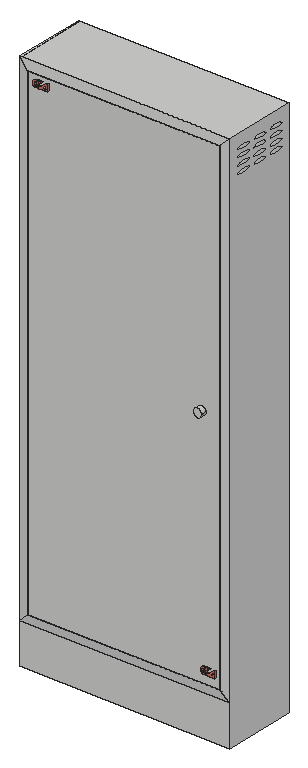
Revit family "120909-00126 Шкаф ШРП-В2400-Р-ПВТ-10 ССД", category Обобщенные модели, Revit 2019
Family settings
  Может служить основой для арматурных стержней = Нет
  Размер круглого соединителя = Использовать диаметр
  Тип детали = Нормальный
  На основе рабочей плоскости = Нет
  Всегда вертикально = Да
  При загрузке вырезать с полостями = Нет
  Общий = Нет
  Точка расчета площади = Нет
Parameters (values of type "ШРП-В/2400-Р-ПВТ-10 (240 плинтов ПВТ)")
  Толщина 5 = 5 mm  # constant formula
  Толщина 4 = 4 mm  # constant formula
  Толщина 25 = 25 mm  # constant formula
  Толщина -4 = -4 mm  # constant formula
  Смещение от уровня [instance] = 300 mm
  Описание = "Шкаф ШРП-В/2400-Р-ПВТ-10 ССД"
  Ноль = 0 mm  # constant formula
  Материал букв = Металл красный
  Материал Каркаса = RAL 7035
  ADSK_Этаж [instance] = ""
  ADSK_Размер_Ширина = 860 mm
  ADSK_Размер_Глубина = 300 mm
  ADSK_Размер_Высота = 2240 mm
  ADSK_Примечание [instance] = ""
  ADSK_Предел огнестойкости = ""
  ADSK_Позиция [instance] = ""
  ADSK_Обозначение = ""
  ADSK_Наименование краткое = "ШРП-В/2400-Р-ПВТ-10 (240 плинтов ПВТ)"
  ADSK_Наименование = "Шкаф ШРП-В/2400-Р-ПВТ-10 ССД"
  ADSK_Масса_Текст = "114"
  ADSK_Марка [instance] = ""
  ADSK_Количество [instance] = 1  # constant formula
  ADSK_Код изделия = "120909-00126"
  ADSK_Зона = ""
  ADSK_Завод-изготовитель = "АО СВЯЗЬСТРОЙДЕТАЛЬ"  # constant formula
  ADSK_Единица измерения = "шт"  # constant formula
  ADSK_URL страницы изделия = "Шкаф ШРП-В/2400-Р-ПВТ-10 ССД ( 120909-00126 ) (ssd.ru)"
  ADSK_URL документации изделия = "shr_decl_2017.pdf (ssd.ru)"
Reference planes
  plane 1 "тттт": y = 0
  plane 2: z = 0
  plane 3 "УУУУ": x = 0
  plane 4 "Т1": y = 150
  plane 5 "Т2": y = -150
  plane 6 "П2": x = -430
  plane 7 "П1": x = 430
  plane 8 "Е1": z = 300
  plane 9 "Е2": z = 2540
  plane 10: z = 468
  plane 11: z = 505
  plane 12: z = 2503
  plane 13: x = -393
  plane 14: x = 393
  plane 15: x = 318
  plane 16: z = 1504
  plane 17: z = 2482
  plane 18: z = 2452
  plane 19: z = 2422
  plane 20: z = 2392
  plane 21: y = -83
  plane 22: y = 83
  plane 23: x = -370
  plane 24: x = 378
  plane 25: z = 543
Forms (mm)
  Extrusion 1, void, not visible, detail levels fine
    sketch origin (-20, 0, 0) x (1, 0, 0) y (0, 0, 1)
      loop
        arc (-281.999, 290) -> (-261.999, 270) -> (-241.999, 290) r 20
        line (-241.999, 290) -> (-241.999, 370)
        arc (-241.999, 370) -> (-261.999, 390) -> (-281.999, 370) r 20
        line (-281.999, 370) -> (-281.999, 290)
    from 90 to 190
  Extrusion 2, void, not visible
    sketch origin (-20, 0, 225) x (1, 0, 0) y (0, 0, 1)
      loop
        circle (-261.999, 215) r 6.5
    from 90 to 190
  Extrusion 3, void, not visible, detail levels fine
    sketch origin (20, 0, 0) x (-1, 0, 0) y (0, 0, -1)
      loop
        line (-281.999, -290) -> (-281.999, -370)
        arc (-281.999, -370) -> (-261.999, -390) -> (-241.999, -370) r 20
        line (-241.999, -370) -> (-241.999, -290)
        arc (-241.999, -290) -> (-261.999, -270) -> (-281.999, -290) r 20
    from 90 to 190
  Extrusion 4, void, not visible
    sketch origin (20, 0, 225) x (-1, 0, 0) y (0, 0, -1)
      loop
        circle (-261.999, -215) r 6.5
    from 90 to 190
  Extrusion 5, void, not visible
    sketch origin (0, 0, 220) x (0, 1, 0) y (0, 0, 1)
      loop
        circle (-102, 220) r 3.036
      loop
        circle (-172.959, 220) r 3.036
      loop
        circle (-122, 237) r 3.036
      loop
        circle (-157.959, 237) r 3.036
      loop
        circle (-121.964, 203) r 3.036
      loop
        circle (-158.036, 203) r 3.036
      loop
        arc (-162.48, 75) -> (-137.48, 50) -> (-112.48, 75) r 25
        line (-112.48, 75) -> (-112.48, 145)
        arc (-112.48, 145) -> (-137.48, 170) -> (-162.48, 145) r 25
        line (-162.48, 145) -> (-162.48, 75)
    from -312 to 312
  Extrusion 6, solid, material "RAL 7035" <- "Материал Каркаса", detail levels medium+fine
    sketch origin (0, 150, 0) x (1, 0, 0) y (0, 0, 1)
      loop
        line (-430, 2540) -> (-430, 300) -> (430, 300) -> (430, 2540) -> (-430, 2540)
    from 0 to 4 <- "Толщина 4"
  Extrusion 7, solid, material "RAL 7035" <- "Материал Каркаса", detail levels medium+fine
    sketch origin (0, -150, 0) x (1, 0, 0) y (0, 0, 1)
      loop
        line (-430, 2540) -> (-430, 300) -> (430, 300) -> (430, 2540) -> (-430, 2540)
      loop
        line (-393, 2503) -> (-393, 505) -> (393, 505) -> (393, 2503) -> (-393, 2503)
    from -4 <- "Толщина -4" to 0
  Extrusion 8, solid, material "RAL 7035" <- "Материал Каркаса", detail levels medium+fine
    sketch origin (-430, 0, 0) x (0, 1, 0) y (0, 0, 1)
      loop
        line (-150, 2540) -> (-150, 300) -> (150, 300) -> (150, 2540) -> (-150, 2540)
    from 0 to 4 <- "Толщина 4"
  Extrusion 9, solid, material "RAL 7035" <- "Материал Каркаса", detail levels medium+fine
    sketch origin (430, 0, 0) x (0, 1, 0) y (0, 0, 1)
      loop
        line (-150, 2540) -> (-150, 300) -> (150, 300) -> (150, 2540) -> (-150, 2540)
    from -4 <- "Толщина -4" to 0
  Extrusion 10, solid, material "RAL 7035" <- "Материал Каркаса", detail levels medium+fine
    sketch origin (0, 0, 300) x (0, -1, 0) y (1, 0, 0)
      loop
        line (-150, -430) -> (150, -430) -> (150, 430) -> (-150, 430) -> (-150, -430)
    from 0 to 4 <- "Толщина 4"
  Extrusion 11, solid, material "RAL 7035" <- "Материал Каркаса", detail levels medium+fine
    sketch origin (0, 0, 2540) x (0, -1, 0) y (1, 0, 0)
      loop
        line (-150, -430) -> (150, -430) -> (150, 430) -> (-150, 430) -> (-150, -430)
    from 0 to -4 <- "Толщина -4"
  Extrusion 12, solid, material "RAL 7035" <- "Материал Каркаса", detail levels medium+fine
    sketch origin (0, -150, 0) x (1, 0, 0) y (0, 0, 1)
      loop
        line (-393, 2503) -> (-393, 505) -> (393, 505) -> (393, 2503) -> (-393, 2503)
    from 0 to 5 <- "Толщина 5"
  Extrusion 13, solid, material "RAL 7035" <- "Материал Каркаса", detail levels medium+fine
    sketch origin (0, -150, 0) x (1, 0, 0) y (0, 0, 1)
      loop
        circle (318, 1504) r 17
    from 0 to 25 <- "Толщина 25"
  Sweep 14, solid, material "RAL 7035" <- "Материал Каркаса", detail levels medium+fine
    path origin (0, -150, 0) x (1, 0, 0) y (0, 0, 1)
      loop
        line (393, 2503) -> (-393, 2503) -> (-393, 505) -> (393, 505) -> (393, 2503)
    profile origin (0, -150, 2503) x (0, 0, -1) y (0, -1, 0)
      loop
        line (-37, 0) -> (0, 0) -> (0, 5) -> (-37, 0)
  Extrusion 15, solid, material "RAL 7035" <- "Материал Каркаса", detail levels coarse
    sketch origin (0, 0, 0) x (1, 0, 0) y (0, 1, 0)
      loop
        line (-430, 150) -> (-430, -150) -> (430, -150) -> (430, 150) -> (-430, 150)
    from 300 to 2540
Cuts and joins
  joined: Extrusion 6, Extrusion 7, Extrusion 8, Extrusion 9, Extrusion 10, Extrusion 11, Sweep 14
  joined: Extrusion 12, Extrusion 13
Dimensions and locks
  equal spacing: plane 5 "Т2", plane 1 "тттт", plane 4 "Т1"
  equal spacing: plane 6 "П2", plane 3 "УУУУ", plane 7 "П1"
  "ADSK_Размер_Ширина": plane 6 "П2" to plane 7 "П1"
  "ADSK_Размер_Глубина": plane 5 "Т2" to plane 4 "Т1"
  "Смещение от уровня": plane 8 "Е1" to plane 2
  "ADSK_Размер_Высота": plane 9 "Е2" to plane 8 "Е1"
  locked: plane 10 to plane 8 "Е1" at 168
  locked: plane 9 "Е2" to plane 12 at 37
  locked: plane 11 to plane 10 at 37
  locked: plane 13 to plane 6 "П2" at 37
  locked: plane 7 "П1" to plane 14 at 37
  locked: plane 14 to plane 15 at 75
  equal spacing: plane 12, plane 16, plane 11
  locked: plane 9 "Е2" to plane 17 at 58
  locked: plane 17 to plane 18 at 30
  locked: plane 18 to plane 19 at 30
  locked: plane 19 to plane 20 at 30
  locked: plane 5 "Т2" to plane 21 at 67
  locked: plane 22 to plane 4 "Т1" at 67
  locked: plane 25 to plane 10 at 75
  locked: plane 24 to plane 14 at 15
  locked: plane 23 to plane 6 "П2" at 60
  aligned and locked: level to plane 2
  aligned and locked: plane 9 "Е2" to Extrusion 6 sketch curve
  aligned and locked: plane 6 "П2" to Extrusion 6 sketch curve
  aligned and locked: Extrusion 6 sketch curve to plane 8 "Е1"
  aligned and locked: Extrusion 6 sketch curve to plane 7 "П1"
  aligned and locked: Extrusion 6 to plane 4 "Т1"
  aligned and locked: plane 6 "П2" to Extrusion 7 sketch curve
  aligned and locked: Extrusion 7 sketch curve to plane 8 "Е1"
  aligned and locked: Extrusion 7 sketch curve to plane 7 "П1"
  aligned and locked: plane 9 "Е2" to Extrusion 7 sketch curve
  aligned and locked: plane 13 to Extrusion 7 sketch curve
  aligned and locked: Extrusion 7 sketch curve to plane 14
  aligned and locked: plane 12 to Extrusion 7 sketch curve
  aligned and locked: Extrusion 7 sketch curve to plane 11
  aligned and locked: plane 5 "Т2" to Extrusion 7
  aligned and locked: Extrusion 8 sketch curve to Extrusion 7  (x2)
  aligned and locked: Extrusion 8 sketch curve to Extrusion 6  (x2)
  aligned and locked: Extrusion 8 to plane 6 "П2"
  aligned and locked: Extrusion 9 sketch curve to Extrusion 7  (x2)
  aligned and locked: Extrusion 9 sketch curve to Extrusion 6  (x2)
  aligned and locked: plane 7 "П1" to Extrusion 9
  aligned and locked: Extrusion 10 sketch curve to cut or joined group of Extrusion 6, Extrusion 7, Extrusion 8, Extrusion 9, Extrusion 10, Extrusion 11, Sweep 14  (x4)
  aligned and locked: plane 8 "Е1" to Extrusion 10
  aligned and locked: Extrusion 11 sketch curve to cut or joined group of Extrusion 6, Extrusion 7, Extrusion 8, Extrusion 9, Extrusion 10, Extrusion 11, Sweep 14  (x4)
  aligned and locked: plane 9 "Е2" to Extrusion 11
  aligned and locked: Extrusion 12 sketch curve to cut or joined group of Extrusion 6, Extrusion 7, Extrusion 8, Extrusion 9, Extrusion 10, Extrusion 11, Sweep 14  (x4)
  aligned and locked: plane 16 to Extrusion 13 sketch curve
  aligned and locked: plane 15 to Extrusion 13 sketch curve
  aligned and locked: plane 5 "Т2" to Extrusion 12
  aligned and locked: Extrusion 13 to plane 5 "Т2"
  aligned and locked: Sweep 14 sketch curve to Extrusion 12  (x4)
  aligned and locked: profile plane to Sweep 14 sketch curve  (x2)
  aligned and locked: plane 21 to nested 1
  aligned and locked: nested 2 to plane 1 "тттт"
  aligned and locked: plane 22 to nested 3
  aligned and locked: plane 7 "П1" to nested 3
  aligned and locked: plane 7 "П1" to nested 2
  aligned and locked: plane 7 "П1" to nested 1
  aligned and locked: nested 1 to plane 17
  aligned and locked: nested 2 to plane 17
  aligned and locked: nested 3 to plane 17
  aligned and locked: nested 4 to plane 18
  aligned and locked: nested 5 to plane 18
  aligned and locked: nested 6 to plane 18
  aligned and locked: nested 7 to plane 19
  aligned and locked: nested 8 to plane 19
  aligned and locked: nested 9 to plane 19
  aligned and locked: nested 10 to plane 20
  aligned and locked: nested 11 to plane 20
  aligned and locked: nested 12 to plane 20
  aligned and locked: plane 22 to nested 6
  aligned and locked: cut or joined group of Extrusion 6, Extrusion 7, Extrusion 8, Extrusion 9, Extrusion 10, Extrusion 11, Sweep 14 to nested 6
  aligned and locked: nested 5 to plane 1 "тттт"
  aligned and locked: cut or joined group of Extrusion 6, Extrusion 7, Extrusion 8, Extrusion 9, Extrusion 10, Extrusion 11, Sweep 14 to nested 5
  aligned and locked: plane 21 to nested 4
  aligned and locked: cut or joined group of Extrusion 6, Extrusion 7, Extrusion 8, Extrusion 9, Extrusion 10, Extrusion 11, Sweep 14 to nested 4
  aligned and locked: plane 7 "П1" to nested 9
  aligned and locked: plane 22 to nested 9
  aligned and locked: nested 8 to plane 1 "тттт"
  aligned and locked: plane 7 "П1" to nested 8
  aligned and locked: plane 21 to nested 7
  aligned and locked: plane 7 "П1" to nested 7
  aligned and locked: plane 7 "П1" to nested 12  (x2)
  aligned and locked: plane 22 to nested 12
  aligned and locked: plane 7 "П1" to nested 11  (x2)
  aligned and locked: nested 11 to plane 1 "тттт"
  aligned and locked: plane 7 "П1" to nested 10
  aligned and locked: plane 21 to nested 10
  aligned and locked: plane 20 to nested 24
  aligned and locked: plane 20 to nested 19
  aligned and locked: plane 20 to nested 18
  aligned and locked: plane 19 to nested 23
  aligned and locked: nested 23 to plane 19
  aligned and locked: plane 19 to nested 20
  aligned and locked: plane 19 to nested 17
  aligned and locked: plane 18 to nested 22
  aligned and locked: plane 18 to nested 21
  aligned and locked: plane 18 to nested 16
  aligned and locked: plane 17 to nested 14
  aligned and locked: plane 17 to nested 13
  aligned and locked: plane 17 to nested 15
  aligned and locked: plane 7 "П1" to cut or joined group of Extrusion 6, Extrusion 7, Extrusion 8, Extrusion 9, Extrusion 10, Extrusion 11, Sweep 14
  aligned and locked: nested 10 to plane 21
  aligned and locked: plane 1 "тттт" to nested 11
  aligned and locked: nested 12 to plane 22
  aligned and locked: nested 23 to plane 21
  aligned and locked: plane 21 to nested 23
  aligned and locked: plane 1 "тттт" to nested 20
  aligned and locked: nested 17 to plane 22
  aligned and locked: plane 6 "П2" to nested 23
  aligned and locked: plane 6 "П2" to nested 20
  aligned and locked: plane 6 "П2" to nested 17
  aligned and locked: nested 22 to cut or joined group of Extrusion 6, Extrusion 7, Extrusion 8, Extrusion 9, Extrusion 10, Extrusion 11, Sweep 14
  aligned and locked: nested 22 to plane 21
  aligned and locked: nested 21 to cut or joined group of Extrusion 6, Extrusion 7, Extrusion 8, Extrusion 9, Extrusion 10, Extrusion 11, Sweep 14
  aligned and locked: plane 1 "тттт" to nested 21
  aligned and locked: nested 16 to cut or joined group of Extrusion 6, Extrusion 7, Extrusion 8, Extrusion 9, Extrusion 10, Extrusion 11, Sweep 14
  aligned and locked: nested 16 to plane 22
  aligned and locked: nested 15 to plane 22
  aligned and locked: plane 1 "тттт" to nested 13
  aligned and locked: nested 14 to plane 21
  aligned and locked: nested 14 to cut or joined group of Extrusion 6, Extrusion 7, Extrusion 8, Extrusion 9, Extrusion 10, Extrusion 11, Sweep 14
  aligned and locked: nested 13 to cut or joined group of Extrusion 6, Extrusion 7, Extrusion 8, Extrusion 9, Extrusion 10, Extrusion 11, Sweep 14
  aligned and locked: nested 15 to cut or joined group of Extrusion 6, Extrusion 7, Extrusion 8, Extrusion 9, Extrusion 10, Extrusion 11, Sweep 14
  aligned and locked: cut or joined group of Extrusion 12, Extrusion 13 to nested 25
  aligned and locked: cut or joined group of Extrusion 12, Extrusion 13 to nested 26
  aligned and locked: plane 25 to nested 25
  aligned and locked: plane 24 to nested 25
  aligned and locked: nested 26 to plane 17
  aligned and locked: plane 23 to nested 26
  aligned and locked: plane 6 "П2" to nested 24
  aligned and locked: plane 6 "П2" to nested 19
  aligned and locked: plane 6 "П2" to nested 18
  aligned and locked: plane 1 "тттт" to nested 19
  aligned and locked: nested 18 to plane 22
  aligned and locked: nested 24 to plane 21
  aligned and locked: Extrusion 15 sketch curve to cut or joined group of Extrusion 6, Extrusion 7, Extrusion 8, Extrusion 9, Extrusion 10, Extrusion 11, Sweep 14  (x4)
  aligned and locked: Extrusion 15 to plane 9 "Е2"
  aligned and locked: plane 8 "Е1" to Extrusion 15
  aligned and locked: nested 27 to plane 9 "Е2"
  aligned and locked: plane 8 "Е1" to nested 27
  aligned and locked: plane 6 "П2" to nested 27
  aligned and locked: plane 7 "П1" to nested 27
Automatic sketch dimensions
  profile plane to Sweep 14 sketch curve = 37 mm
  plane 5 "Т2" to Sweep 14 sketch curve = 5 mm
  radius of Extrusion 13 sketch curve = 17 mm
Nested families
  nested 1: "Впадина" at (430, -83, 2482) x (0, 1, 0) z (0, 0, 1), Материал <- "Материал Каркаса", type "Впадина", detail levels fine
    with Материал RAL 7035
  nested 2: "Впадина" at (430, 0, 2482) x (0, 1, 0) z (0, 0, 1), Материал <- "Материал Каркаса", type "Впадина", detail levels fine
    with Материал RAL 7035
  nested 3: "Впадина" at (430, 83, 2482) x (0, 1, 0) z (0, 0, 1), Материал <- "Материал Каркаса", type "Впадина", detail levels fine
    with Материал RAL 7035
  nested 4: "Впадина" at (430, -83, 2452) x (0, 1, 0) z (0, 0, 1), Материал <- "Материал Каркаса", type "Впадина", detail levels fine
    with Материал RAL 7035
  nested 5: "Впадина" at (430, 0, 2452) x (0, 1, 0) z (0, 0, 1), Материал <- "Материал Каркаса", type "Впадина", detail levels fine
    with Материал RAL 7035
  nested 6: "Впадина" at (430, 83, 2452) x (0, 1, 0) z (0, 0, 1), Материал <- "Материал Каркаса", type "Впадина", detail levels fine
    with Материал RAL 7035
  nested 7: "Впадина" at (430, -83, 2422) x (0, 1, 0) z (0, 0, 1), Материал <- "Материал Каркаса", type "Впадина", detail levels fine
    with Материал RAL 7035
  nested 8: "Впадина" at (430, 0, 2422) x (0, 1, 0) z (0, 0, 1), Материал <- "Материал Каркаса", type "Впадина", detail levels fine
    with Материал RAL 7035
  nested 9: "Впадина" at (430, 83, 2422) x (0, 1, 0) z (0, 0, 1), Материал <- "Материал Каркаса", type "Впадина", detail levels fine
    with Материал RAL 7035
  nested 10: "Впадина" at (430, -83, 2392) x (0, 1, 0) z (0, 0, 1), Материал <- "Материал Каркаса", type "Впадина", detail levels fine
    with Материал RAL 7035
  nested 11: "Впадина" at (430, 0, 2392) x (0, 1, 0) z (0, 0, 1), Материал <- "Материал Каркаса", type "Впадина", detail levels fine
    with Материал RAL 7035
  nested 12: "Впадина" at (430, 83, 2392) x (0, 1, 0) z (0, 0, 1), Материал <- "Материал Каркаса", type "Впадина", detail levels fine
    with Материал RAL 7035
  nested 13: "Впадина" at (-430, 0, 2482) x (0, 1, 0) z (0, 0, 1), Материал <- "Материал Каркаса", type "Впадина", detail levels fine
    with Материал RAL 7035
  nested 14: "Впадина" at (-430, -83, 2482) x (0, 1, 0) z (0, 0, 1), Материал <- "Материал Каркаса", type "Впадина", detail levels fine
    with Материал RAL 7035
  nested 15: "Впадина" at (-430, 83, 2482) x (0, 1, 0) z (0, 0, 1), Материал <- "Материал Каркаса", type "Впадина", detail levels fine
    with Материал RAL 7035
  nested 16: "Впадина" at (-430, 83, 2452) x (0, 1, 0) z (0, 0, 1), Материал <- "Материал Каркаса", type "Впадина", detail levels fine
    with Материал RAL 7035
  nested 17: "Впадина" at (-430, 83, 2422) x (0, 1, 0) z (0, 0, 1), Материал <- "Материал Каркаса", type "Впадина", detail levels fine
    with Материал RAL 7035
  nested 18: "Впадина" at (-430, 83, 2392) x (0, 1, 0) z (0, 0, 1), Материал <- "Материал Каркаса", type "Впадина", detail levels fine
    with Материал RAL 7035
  nested 19: "Впадина" at (-430, 0, 2392) x (0, 1, 0) z (0, 0, 1), Материал <- "Материал Каркаса", type "Впадина", detail levels fine
    with Материал RAL 7035
  nested 20: "Впадина" at (-430, 0, 2422) x (0, 1, 0) z (0, 0, 1), Материал <- "Материал Каркаса", type "Впадина", detail levels fine
    with Материал RAL 7035
  nested 21: "Впадина" at (-430, 0, 2452) x (0, 1, 0) z (0, 0, 1), Материал <- "Материал Каркаса", type "Впадина", detail levels fine
    with Материал RAL 7035
  nested 22: "Впадина" at (-430, -83, 2452) x (0, 1, 0) z (0, 0, 1), Материал <- "Материал Каркаса", type "Впадина", detail levels fine
    with Материал RAL 7035
  nested 23: "Впадина" at (-430, -83, 2422) x (0, 1, 0) z (0, 0, 1), Материал <- "Материал Каркаса", type "Впадина", detail levels fine
    with Материал RAL 7035
  nested 24: "Впадина" at (-430, -83, 2392) x (0, 1, 0) z (0, 0, 1), Материал <- "Материал Каркаса", type "Впадина", detail levels fine
    with Материал RAL 7035
  nested 25: "ССД" at (348.016, -155, 543), Материал <- "Материал букв", type "ССД", detail levels fine
    with Материал Металл красный
  nested 26: "ССД" at (-340.016, -155, 2456), Материал <- "Материал букв", type "ССД", detail levels fine
    with Материал Металл красный
  nested 27: "ЭУ_Шкаф ст фасад" at (0, 0, 300) x (1, 0, 0) z (0, -1, 0), ADSK_Размер_Высота <- "ADSK_Размер_Высота", ADSK_Размер_Ширина <- "ADSK_Размер_Ширина", type "ЭУ_Шкаф ст фасад", detail levels coarse
    with ADSK_Размер_Ширина 860 mm, ADSK_Размер_Высота 2240 mm
Definition of nested family "Впадина"
  Parameters (values of type "Впадина")
    Материал [instance] = none
    ADSK_Размер_Ширина = 64 mm
  Reference planes
    plane 1 "По центру (Вперед/Назад)": y = 0
    plane 2: z = 0
    plane 3 "По центру (Влево/Вправо)": x = 0
    plane 4: y = -5
    plane 5: x = -32
    plane 6: x = 32
  Forms (mm)
    Sweep 1, solid, material <- "Материал"
      path origin (0, 0, 0) x (1, 0, 0) y (0, 1, 0)
        loop
          arc (-32, 0) -> (0, -5) -> (32, 0) r 104.9
      profile origin (0, -5, 0) x (0, 1, 0) y (0, 0, 1)
        loop
          line (0, 0) -> (1.008, 0)
          arc (1.008, 0) -> (2.037, 5.808) -> (5, 10.909) r 16.9
          line (5, 10.909) -> (5, 12)
          arc (5, 12) -> (1.3, 6.5) -> (0, 0) r 16.9
  Lines and regions (mm)
    symbolic lines
      curve 1: line (-32, 0, 0) -> (32, 0, 0)
      curve 2: line (0, 0, 0) -> (0, -5, 0)
      curve 3: line (-32, 0, 0) -> (32, 0, 0)
  Dimensions and locks
    equal spacing: plane 5, plane 3 "По центру (Влево/Вправо)", plane 6
    "ADSK_Размер_Ширина": plane 5 to plane 6
    plane 4 to plane 1 "По центру (Вперед/Назад)" = 5 mm
    aligned and locked: level to plane 2
    aligned and locked: plane 5 to Sweep 1 sketch curve
    aligned and locked: plane 1 "По центру (Вперед/Назад)" to Sweep 1 sketch curve  (x3)
    aligned and locked: plane 6 to Sweep 1 sketch curve
    aligned and locked: plane 1 "По центру (Вперед/Назад)" to curve 1
    aligned and locked: curve 2 to plane 3 "По центру (Влево/Вправо)"
    aligned and locked: curve 3 to plane 2
  Automatic sketch dimensions
    Sweep 1 sketch curve to plane 1 "По центру (Вперед/Назад)" = 99.9 mm
    Sweep 1 sketch curve to profile plane = 0 mm
    Sweep 1 sketch curve to level = 0 mm
    Sweep 1 sketch curve to Sweep 1 sketch curve = 11.9 mm
    Sweep 1 sketch curve to Sweep 1 sketch curve = 1.008 mm
    Sweep 1 sketch curve to Sweep 1 sketch curve = 1.091 mm
    curve 1 to plane 5 = 0 mm
    curve 1 to plane 6 = 0 mm
    curve 2 to plane 4 = 0 mm
    curve 3 to plane 5 = 0 mm
    curve 3 to plane 6 = 0 mm
Definition of nested family "ССД"
  Parameters (values of type "ССД")
    Материал [instance] = none
  Reference planes
    plane 1 "По центру (Вперед/Назад)": y = 0
    plane 2: z = 0
    plane 3 "По центру (Влево/Вправо)": x = 0
    plane 4: y = -5
    plane 5: z = 26
    plane 6: x = -29.984
    plane 7: x = 29.984
  Forms (mm)
    Extrusion 1, solid, material <- "Материал"
      sketch origin (-4.748, 0, -135.953) x (1, 0, 0) y (0, 0, 1)
        loop
          arc (-12.562, 161.735) -> (-25.455, 148.886) -> (-12.605, 135.993) r 12.871
          line (-12.605, 135.993) -> (-5.127, 135.993)
          arc (-5.127, 135.993) -> (-8.341, 138.928) -> (-10.997, 142.376) r 24.946
          line (-10.997, 142.376) -> (-12.584, 142.376)
          arc (-12.584, 142.376) -> (-19.072, 148.864) -> (-12.584, 155.352) r 6.488
          line (-12.584, 155.352) -> (-10.972, 155.352)
          arc (-10.972, 155.352) -> (-8.292, 158.804) -> (-5.051, 161.735) r 24.946
          line (-5.051, 161.735) -> (-12.562, 161.735)
        loop
          arc (3.387, 161.709) -> (-9.505, 148.859) -> (3.344, 135.967) r 12.871
          line (3.344, 135.967) -> (34.291, 135.915) -> (34.334, 161.666) -> (28.9, 161.666) -> (8.095, 144.25) -> (16.764, 144.25) -> (28.888, 154.399) -> (28.868, 142.307) -> (3.34, 142.35)
          arc (3.34, 142.35) -> (-3.122, 148.856) -> (3.377, 155.326) r 6.488
          line (3.377, 155.326) -> (4.978, 155.326)
          arc (4.978, 155.326) -> (7.657, 158.777) -> (10.898, 161.709) r 24.946
          line (10.898, 161.709) -> (3.387, 161.709)
      from 0 to 5
  Lines and regions (mm)
    symbolic lines
      curve 1: line (-29.984, 0, 0) -> (29.984, 0, 0)
      curve 2: line (-29.984, 0, 26) -> (29.984, 0, 26)
      curve 3: line (-29.984, 0, 0) -> (-29.984, 0, 26)
      curve 4: line (29.984, 0, 0) -> (-29.984, 0, 0)
      curve 5: line (29.984, 0, 26) -> (29.984, 0, 0)
  Dimensions and locks
    locked: plane 1 "По центру (Вперед/Назад)" to plane 4 at 5
    locked: plane 5 to plane 2 at 26
    equal spacing: plane 7, plane 3 "По центру (Влево/Вправо)", plane 6
    locked: plane 7 to plane 6 at 59.968
    aligned and locked: level to plane 2
    aligned and locked: plane 1 "По центру (Вперед/Назад)" to curve 1
    aligned and locked: Extrusion 1 to plane 4
    aligned and locked: Extrusion 1 to plane 1 "По центру (Вперед/Назад)"
    aligned and locked: curve 2 to plane 5
    aligned and locked: plane 6 to curve 3
    aligned and locked: plane 2 to curve 4
    aligned and locked: curve 5 to plane 7
  Automatic sketch dimensions
    curve 1 to plane 6 = 0 mm
    curve 1 to plane 7 = 0 mm
    Extrusion 1 sketch curve to Extrusion 1 sketch curve = 0 mm  (x6)
    Extrusion 1 sketch curve to plane 3 "По центру (Влево/Вправо)" = 17.331 mm
    Extrusion 1 sketch curve to Extrusion 1 sketch curve = 0.022 mm
    Extrusion 1 sketch curve to Extrusion 1 sketch curve = 1.587 mm
    Extrusion 1 sketch curve to Extrusion 1 sketch curve = 1.612 mm
    Extrusion 1 sketch curve to plane 3 "По центру (Влево/Вправо)" = 9.875 mm
    Extrusion 1 sketch curve to plane 3 "По центру (Влево/Вправо)" = 1.407 mm
    Extrusion 1 sketch curve to plane 3 "По центру (Влево/Вправо)" = 1.382 mm
    Extrusion 1 sketch curve to plane 3 "По центру (Влево/Вправо)" = 1.371 mm
    Extrusion 1 sketch curve to plane 3 "По центру (Влево/Вправо)" = 1.36 mm
    Extrusion 1 sketch curve to Extrusion 1 sketch curve = 1.601 mm
    Extrusion 1 sketch curve to Extrusion 1 sketch curve = 4.755 mm
    Extrusion 1 sketch curve to Extrusion 1 sketch curve = 1.902 mm
    Extrusion 1 sketch curve to Extrusion 1 sketch curve = 5.043 mm
    Extrusion 1 sketch curve to Extrusion 1 sketch curve = 0.878 mm
    Extrusion 1 sketch curve to Extrusion 1 sketch curve = 6.767 mm
    Extrusion 1 sketch curve to plane 7 = 8.785 mm
    Extrusion 1 sketch curve to plane 7 = 5.864 mm
    Extrusion 1 sketch curve to plane 7 = 5.844 mm
    Extrusion 1 sketch curve to plane 7 = 5.831 mm
    Extrusion 1 sketch curve to plane 7 = 0.44 mm
    Extrusion 1 sketch curve to plane 7 = 0.397 mm
    Extrusion 1 sketch curve to plane 5 = 26.038 mm
    Extrusion 1 sketch curve to Extrusion 1 sketch curve = 0.079 mm
    Extrusion 1 sketch curve to Extrusion 1 sketch curve = 5.898 mm
    Extrusion 1 sketch curve to Extrusion 1 sketch curve = 0.027 mm
    Extrusion 1 sketch curve to Extrusion 1 sketch curve = 0.494 mm
    Extrusion 1 sketch curve to Extrusion 1 sketch curve = 0.51 mm
    Extrusion 1 sketch curve to Extrusion 1 sketch curve = 6.383 mm
    Extrusion 1 sketch curve to Extrusion 1 sketch curve = 2.411 mm
    Extrusion 1 sketch curve to Extrusion 1 sketch curve = 6.488 mm  (x2)
    Extrusion 1 sketch curve to Extrusion 1 sketch curve = 12.092 mm
    Extrusion 1 sketch curve to Extrusion 1 sketch curve = 7.267 mm
    Extrusion 1 sketch curve to plane 3 "По центру (Влево/Вправо)" = 9.798 mm
    Extrusion 1 sketch curve to plane 3 "По центру (Влево/Вправо)" = 1.404 mm
Definition of nested family "ЭУ_Шкаф ст фасад"
  Parameters
    ADSK_Размер_Ширина [instance] = 640 mm
    ADSK_Размер_Высота [instance] = 1180 mm
  Reference planes
    plane 1 "По центру (Вперед/Назад)": y = 0
    plane 2: z = 0
    plane 3 "По центру (Влево/Вправо)": x = 0
    plane 4: x = -320
    plane 5: x = 320
    plane 6: y = 1180
    plane 7: y = 1141
    plane 8 "По центру (В/С": y = 150
    plane 9: x = 200
    plane 10: y = 645.5
  Lines and regions (mm)
    detail lines, in view "Опорный уровень"
      curve 1: line (-320, 1180, 0) -> (320, 1180, 0)
      curve 2: line (-320, 0, 0) -> (-320, 1180, 0)
      curve 3: line (320, 0, 0) -> (-320, 0, 0)
      curve 4: line (320, 1180, 0) -> (320, 0, 0)
      curve 5: line (320, 150, 0) -> (-320, 150, 0)
      curve 6: circle (200, 645.5, 0) r 20 normal (0, 0, 1)
  Dimensions and locks
    equal spacing: plane 4, plane 3 "По центру (Влево/Вправо)", plane 5
    "ADSK_Размер_Ширина": plane 4 to plane 5
    "ADSK_Размер_Высота": plane 6 to plane 1 "По центру (Вперед/Назад)"
    locked: plane 6 to plane 7 at 39
    equal spacing: plane 7, plane 10, plane 8 "По центру (В/С"
    locked: plane 8 "По центру (В/С" to plane 1 "По центру (Вперед/Назад)" at 150
    aligned and locked: curve 1 to plane 6
    aligned and locked: plane 4 to curve 2
    aligned and locked: curve 3 to plane 1 "По центру (Вперед/Назад)"
    aligned and locked: curve 4 to plane 5
    aligned and locked: plane 8 "По центру (В/С" to curve 5
    aligned and locked: plane 10 to curve 6
    aligned and locked: plane 9 to curve 6
  Automatic sketch dimensions
    radius of curve 6 = 20 mm
